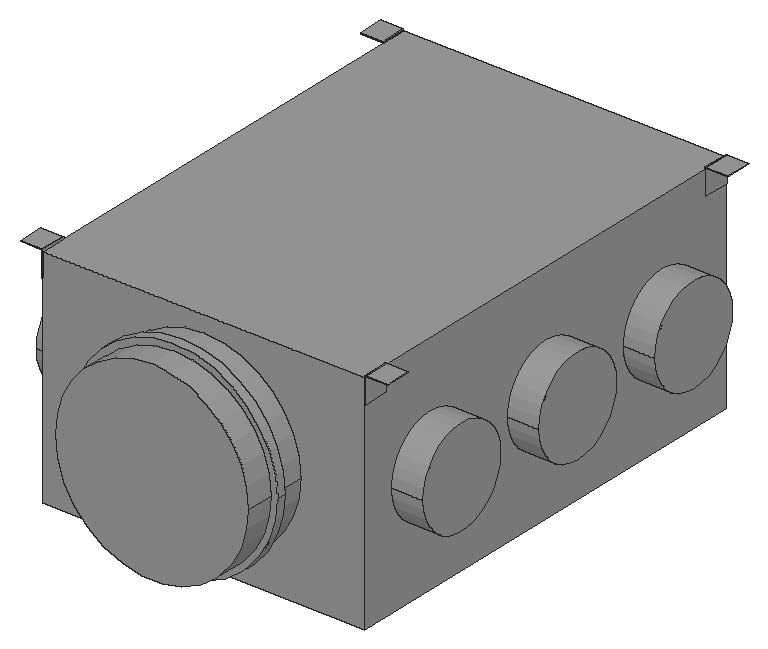
Revit family "FASU(F7-150 300Φ)", category ダクト付属品, Revit 2020
Family settings
  丸型コネクタ寸法 = 直径を使用
  パーツ タイプ = ダンパー
  OmniClass 番号 = 23.75.00.00
  OmniClass タイトル = Climate Control (HVAC)
  作業面ベース = いいえ
  常に垂直 = はい
  ロード時にボイドで切り取り = いいえ
  共有 = いいえ
Parameters
  高さ = 350 mm
  風量 = 0.0 L/s
  符号 = "FASU"
  形式 = "F7-150 300φ"
  幅 [instance] = 500 mm
  奥行き = 700 mm
  大きさ = 250 mm
  呼称 = "FASUチャンバー"
  付属品_下端レベル [instance] = 0 mm
  マテリアル [instance] = 既定値
  ダクト_イン = 300 mm
  ダクト_アウト = 150 mm
  既定の高さ = 0 mm
Reference planes
  plane 1 "中心(正面/背面)": y = 0
  plane 2: z = 0
  plane 3 "中心(左/右)": x = 0
  plane 4: x = -250
  plane 5: x = 250
  plane 6: y = -700
  plane 7: z = 350
  plane 8: z = 175
  plane 9: z = 266.963
  plane 10: z = 86.159
  plane 11: x = -251
  plane 12: z = 313.122
  plane 13: z = 352.122
  plane 14: y = -350
Forms (mm)
  Extrusion 1, solid, material "既定値" <- "マテリアル"
    sketch origin (0, 0, 0) x (1, 0, 0) y (0, 1, 0)
      loop
        line (-250, 0) -> (-250, -700) -> (250, -700) -> (250, 0) -> (-250, 0)
    from 0 to 350
  Extrusion 2, solid, material "既定値" <- "マテリアル"
    sketch origin (0, -30, 0) x (1, 0, 0) y (0, 1, 0)
      loop
        line (-250, 30) -> (-251, 30) -> (-251, -10) -> (-250, -10) -> (-250, 30)
    from 313.122 to 350
  Extrusion 3, solid, material "既定値" <- "マテリアル"
    sketch origin (0, -30, 0) x (1, 0, 0) y (0, 1, 0)
      loop
        line (-285, 30) -> (-285, -10) -> (-251, -10) -> (-251, 30) -> (-285, 30)
    from 352.122 to 350
  Extrusion 4, solid, material "既定値" <- "マテリアル"
    sketch origin (0, -30, 0) x (-1, 0, 0) y (0, -1, 0)
      loop
        line (-250, -30) -> (-250, 10) -> (-251, 10) -> (-251, -30) -> (-250, -30)
    from 313.122 to 353.122
  Extrusion 5, solid, material "既定値" <- "マテリアル"
    sketch origin (0, -30, 0) x (-1, 0, 0) y (0, -1, 0)
      loop
        line (-285, -30) -> (-251, -30) -> (-251, 10) -> (-285, 10) -> (-285, -30)
    from 352.122 to 353.122
  Extrusion 6, solid, material "既定値" <- "マテリアル"
    sketch origin (0, -490, 0) x (1, 0, 0) y (0, 1, 0)
      loop
        line (-285, -170) -> (-285, -210) -> (-251, -210) -> (-251, -170) -> (-285, -170)
    from 352.122 to 353.122
  Extrusion 7, solid, material "既定値" <- "マテリアル"
    sketch origin (0, -490, 0) x (1, 0, 0) y (0, 1, 0)
      loop
        line (-250, -170) -> (-251, -170) -> (-251, -210) -> (-250, -210) -> (-250, -170)
    from 313.122 to 353.122
  Extrusion 8, solid, material "既定値" <- "マテリアル"
    sketch origin (0, -490, 0) x (-1, 0, 0) y (0, -1, 0)
      loop
        line (-285, 170) -> (-251, 170) -> (-251, 210) -> (-285, 210) -> (-285, 170)
    from 352.122 to 353.122
  Extrusion 9, solid, material "既定値" <- "マテリアル"
    sketch origin (0, -490, 0) x (-1, 0, 0) y (0, -1, 0)
      loop
        line (-250, 170) -> (-250, 210) -> (-251, 210) -> (-251, 170) -> (-250, 170)
    from 313.122 to 353.122
  Extrusion 10, solid, material "既定値" <- "マテリアル"
    sketch origin (550, -582.5, 0) x (0, -1, 0) y (0, 0, -1)
      loop
        circle (-232.5, -175) r 74.985
    from -300 to -250
  Extrusion 11, solid, material "既定値" <- "マテリアル"
    sketch origin (-550, -582.5, 0) x (0, -1, 0) y (0, 0, 1)
      loop
        circle (-232.5, 175) r 74.985
    from -300 to -250
  Extrusion 12, solid, material "既定値" <- "マテリアル"
    sketch origin (0, -700, 0) x (1, 0, 0) y (0, 0, 1)
      loop
        circle (0, 175) r 150
    from 0 to 42.5
  Extrusion 13, solid, material "既定値" <- "マテリアル"
    sketch origin (0, -743, 0) x (1, 0, 0) y (0, 0, 1)
      loop
        circle (0, 175) r 160
    from -0.5 to 14.5
  Extrusion 14, solid, material "既定値" <- "マテリアル"
    sketch origin (0, -757.5, 0) x (1, 0, 0) y (0, 0, 1)
      loop
        circle (0, 175) r 150
    from 0 to 42.5
  Extrusion 15, solid, material "既定値" <- "マテリアル"
    sketch origin (550, -357.5, 0) x (0, -1, 0) y (0, 0, -1)
      loop
        circle (-232.5, -175) r 74.985
    from -300 to -250
  Extrusion 16, solid, material "既定値" <- "マテリアル"
    sketch origin (-550, -357.5, 0) x (0, -1, 0) y (0, 0, 1)
      loop
        circle (-232.5, 175) r 74.985
    from -300 to -250
  Extrusion 17, solid, material "既定値" <- "マテリアル"
    sketch origin (550, -142.5, 0) x (0, 1, 0) y (0, 0, 1)
      loop
        circle (-432.5, 175) r 74.985
    from -300 to -250
  Extrusion 18, solid, material "既定値" <- "マテリアル"
    sketch origin (0, -142.5, 0) x (0, 1, 0) y (0, 0, 1)
      loop
        circle (-432.5, 175) r 74.985
    from -300 to -250
  Extrusion 19, solid, material "既定値" <- "マテリアル"
    sketch origin (232.5, 300, 0) x (1, 0, 0) y (0, 0, -1)
      loop
        circle (-232.5, -175) r 74.985
    from -300 to -250
Lines and regions (mm)
  model lines
    curve 1: line (-250, -30, 0) -> (250, -30, 0)
    curve 2: line (-250, -670, 0) -> (250, -670, 0)
Text (mm)
  text "FASU(F7-150 300Φ)" at (3.713, -630.412, 0), in view "参照レベル"
Dimensions and locks
  equal spacing: plane 4, plane 3 "中心(左/右)", plane 5
  "幅": plane 4 to plane 5
  "奥行き": plane 6 to plane 1 "中心(正面/背面)"
  "高さ": plane 7 to level
  equal spacing: plane 7, plane 8, level
  equal spacing: plane 6, plane 14, plane 1 "中心(正面/背面)"
  aligned and locked: level to plane 2
  aligned and locked: Extrusion 1 sketch curve to plane 5
  aligned and locked: plane 7 to Extrusion 1
  aligned and locked: Extrusion 2 sketch curve to Extrusion 1
  aligned and locked: plane 7 to Extrusion 2
  aligned and locked: Extrusion 3 sketch curve to Extrusion 2
  aligned and locked: Extrusion 2 to Extrusion 3 sketch curve
  aligned and locked: plane 7 to Extrusion 3
  aligned and locked: Extrusion 3 to plane 13
  aligned and locked: Extrusion 4 to Extrusion 5 sketch curve
  aligned and locked: Extrusion 5 sketch curve to Extrusion 4
  aligned and locked: Extrusion 1 to Extrusion 8
  aligned and locked: Extrusion 6 to Extrusion 1
  aligned and locked: Extrusion 7 to Extrusion 1
  aligned and locked: Extrusion 1 to Extrusion 9
  aligned and locked: Extrusion 9 to Extrusion 8
  aligned and locked: Extrusion 7 to Extrusion 6
  aligned and locked: plane 4 to Extrusion 7
  aligned and locked: Extrusion 9 to plane 5
  aligned and locked: plane 4 to curve 1
  aligned and locked: plane 5 to curve 1
  aligned and locked: plane 5 to curve 2
  aligned and locked: Extrusion 1 to Extrusion 3
  aligned and locked: Extrusion 5 to Extrusion 1
  aligned and locked: Extrusion 4 to plane 5
  aligned and locked: Extrusion 1 to plane 6
  aligned and locked: Extrusion 1 to plane 1 "中心(正面/背面)"
  aligned and locked: plane 6 to Extrusion 12
  aligned and locked: Extrusion 15 to plane 5
  aligned and locked: plane 4 to Extrusion 16
  aligned and locked: Extrusion 17 to plane 5
  aligned and locked: plane 4 to Extrusion 18
Automatic sketch dimensions
  curve 2 to plane 4 = 0 mm
  plane 6 to curve 2 = 30 mm
  plane 1 "中心(正面/背面)" to curve 1 = 30 mm
  Extrusion 1 sketch curve to plane 4 = 0 mm
  Extrusion 1 sketch curve to plane 6 = 0 mm
  plane 1 "中心(正面/背面)" to Extrusion 1 sketch curve = 0 mm
  plane 1 "中心(正面/背面)" to Extrusion 2 sketch curve = 0 mm
  Extrusion 2 sketch curve to plane 11 = 0 mm
  Extrusion 2 sketch curve to Extrusion 2 sketch curve = 40 mm
  plane 1 "中心(正面/背面)" to Extrusion 3 sketch curve = 0 mm
  Extrusion 3 sketch curve to Extrusion 3 sketch curve = 34 mm
  plane 1 "中心(正面/背面)" to Extrusion 4 sketch curve = 0 mm
  Extrusion 4 sketch curve to plane 5 = 0 mm
  Extrusion 4 sketch curve to Extrusion 4 sketch curve = 1 mm
  Extrusion 4 sketch curve to Extrusion 4 sketch curve = 40 mm
  plane 1 "中心(正面/背面)" to Extrusion 5 sketch curve = 0 mm
  Extrusion 5 sketch curve to Extrusion 5 sketch curve = 34 mm
  Extrusion 6 sketch curve to plane 6 = 0 mm
  Extrusion 6 sketch curve to plane 11 = 0 mm
  Extrusion 6 sketch curve to plane 11 = 34 mm
  plane 6 to Extrusion 6 sketch curve = 40 mm
  Extrusion 7 sketch curve to plane 11 = 0 mm
  Extrusion 7 sketch curve to plane 4 = 0 mm
  Extrusion 7 sketch curve to plane 6 = 0 mm
  plane 6 to Extrusion 7 sketch curve = 40 mm
  Extrusion 8 sketch curve to plane 6 = 0 mm
  Extrusion 8 sketch curve to plane 5 = 35 mm
  Extrusion 8 sketch curve to plane 5 = 1 mm
  Extrusion 8 sketch curve to Extrusion 8 sketch curve = 40 mm
  Extrusion 9 sketch curve to plane 6 = 0 mm
  Extrusion 9 sketch curve to plane 5 = 0 mm
  Extrusion 9 sketch curve to Extrusion 9 sketch curve = 1 mm
  Extrusion 9 sketch curve to Extrusion 9 sketch curve = 40 mm
  Extrusion 10 sketch curve to plane 8 = 0 mm
  Extrusion 10 sketch curve to plane 14 = 0 mm
  Extrusion 11 sketch curve to plane 8 = 0 mm
  Extrusion 11 sketch curve to plane 14 = 0 mm
  Extrusion 12 sketch curve to plane 3 "中心(左/右)" = 0 mm
  Extrusion 12 sketch curve to plane 8 = 0 mm
  Extrusion 13 sketch curve to plane 3 "中心(左/右)" = 0 mm
  Extrusion 13 sketch curve to plane 8 = 0 mm
  Extrusion 14 sketch curve to plane 3 "中心(左/右)" = 0 mm
  Extrusion 14 sketch curve to plane 8 = 0 mm
  Extrusion 15 sketch curve to plane 8 = 0 mm
  plane 1 "中心(正面/背面)" to Extrusion 15 sketch curve = 125 mm
  Extrusion 16 sketch curve to plane 8 = 0 mm
  plane 1 "中心(正面/背面)" to Extrusion 16 sketch curve = 125 mm
  Extrusion 17 sketch curve to plane 8 = 0 mm
  plane 6 to Extrusion 17 sketch curve = 125 mm
  Extrusion 18 sketch curve to plane 8 = 0 mm
  plane 6 to Extrusion 18 sketch curve = 125 mm
  Extrusion 19 sketch curve to plane 3 "中心(左/右)" = 0 mm
  Extrusion 19 sketch curve to plane 8 = 0 mm
  radius of Extrusion 10 sketch curve = 74.985 mm
  radius of Extrusion 11 sketch curve = 74.985 mm
  radius of Extrusion 12 sketch curve = 150 mm
  radius of Extrusion 13 sketch curve = 160 mm
  radius of Extrusion 14 sketch curve = 150 mm
  radius of Extrusion 15 sketch curve = 74.985 mm
  radius of Extrusion 16 sketch curve = 74.985 mm
  radius of Extrusion 17 sketch curve = 74.985 mm
  radius of Extrusion 18 sketch curve = 74.985 mm
  radius of Extrusion 19 sketch curve = 74.985 mm
Connectors
  hvac at (-300, -575, 175), driven by "ダクト_アウト"
    settings: on Extrusion 18, index 1, duct flow 0.0 L/s, flow factor 0, pres drop 0.0 Pa, loss coef 0, conn angle 0.00°, conn width 304.8 mm, conn height 304.8 mm, conn diameter 150 mm, duct sys type 29, conn prof type 0, flow config 0, flow direction 2, loss method 0, conn ref index -1, conn util no, is conn primary yes, conn desc ""
  hvac at (-300, -350, 175), driven by "ダクト_アウト"
    settings: on Extrusion 11, index 2, duct flow 0.0 L/s, flow factor 0, pres drop 0.0 Pa, loss coef 0, conn angle 0.00°, conn width 304.8 mm, conn height 304.8 mm, conn diameter 150 mm, duct sys type 29, conn prof type 0, flow config 0, flow direction 2, loss method 0, conn ref index -1, conn util no, is conn primary no, conn desc ""
  hvac at (-300, -125, 175), driven by "ダクト_アウト"
    settings: on Extrusion 16, index 3, duct flow 0.0 L/s, flow factor 0, pres drop 0.0 Pa, loss coef 0, conn angle 0.00°, conn width 304.8 mm, conn height 304.8 mm, conn diameter 150 mm, duct sys type 29, conn prof type 0, flow config 0, flow direction 2, loss method 0, conn ref index -1, conn util no, is conn primary no, conn desc ""
  hvac at (0, 50, 175), driven by "ダクト_アウト"
    settings: on Extrusion 19, index 4, duct flow 0.0 L/s, flow factor 0, pres drop 0.0 Pa, loss coef 0, conn angle 0.00°, conn width 304.8 mm, conn height 304.8 mm, conn diameter 150 mm, duct sys type 29, conn prof type 0, flow config 0, flow direction 2, loss method 0, conn ref index -1, conn util no, is conn primary no, conn desc ""
  hvac at (300, -125, 175), driven by "ダクト_アウト"
    settings: on Extrusion 15, index 5, duct flow 0.0 L/s, flow factor 0, pres drop 0.0 Pa, loss coef 0, conn angle 0.00°, conn width 304.8 mm, conn height 304.8 mm, conn diameter 150 mm, duct sys type 29, conn prof type 0, flow config 0, flow direction 2, loss method 0, conn ref index -1, conn util no, is conn primary no, conn desc ""
  hvac at (300, -350, 175), driven by "ダクト_アウト"
    settings: on Extrusion 10, index 6, duct flow 0.0 L/s, flow factor 0, pres drop 0.0 Pa, loss coef 0, conn angle 0.00°, conn width 304.8 mm, conn height 304.8 mm, conn diameter 150 mm, duct sys type 29, conn prof type 0, flow config 0, flow direction 2, loss method 0, conn ref index -1, conn util no, is conn primary no, conn desc ""
  hvac at (300, -575, 175), driven by "ダクト_アウト"
    settings: on Extrusion 17, index 7, duct flow 0.0 L/s, flow factor 0, pres drop 0.0 Pa, loss coef 0, conn angle 0.00°, conn width 304.8 mm, conn height 304.8 mm, conn diameter 150 mm, duct sys type 29, conn prof type 0, flow config 0, flow direction 2, loss method 0, conn ref index -1, conn util no, is conn primary no, conn desc ""
  hvac at (0, -800, 175), driven by "ダクト_イン"
    settings: on Extrusion 14, index 8, duct flow 0.0 L/s, flow factor 0, pres drop 0.0 Pa, loss coef 0, conn angle 0.00°, conn width 304.8 mm, conn height 304.8 mm, conn diameter 300 mm, duct sys type 1, conn prof type 0, flow config 0, flow direction 1, loss method 0, conn ref index -1, conn util no, is conn primary no, conn desc ""
